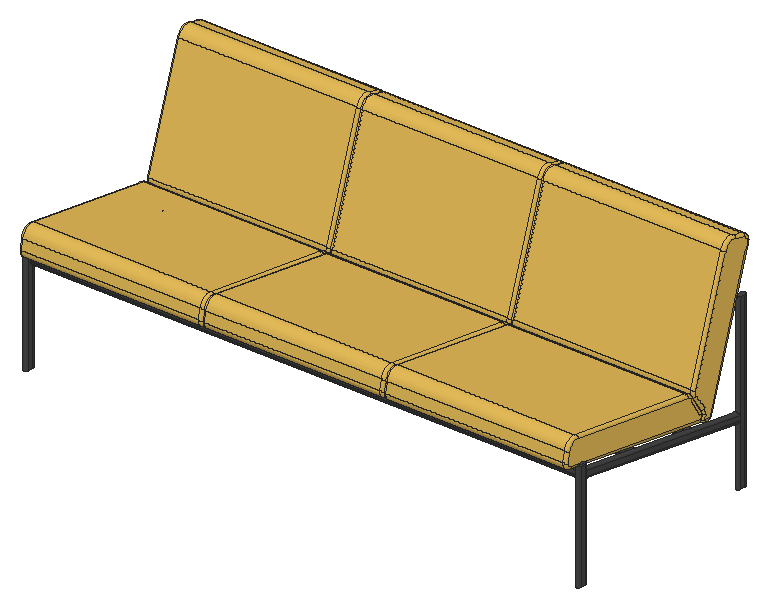
Revit family "Artek_Kiki Sofa_Kiki Sofa 3-seater", category Furniture, Revit 2018
Family settings
  OmniClass Number = 23.40.20.14.14.14
  OmniClass Title = Settees, Sofas
  Work Plane-Based = No
  Always vertical = Yes
  Cut with Voids When Loaded = No
  Shared = No
  Room Calculation Point = No
Parameters (values of type "Kiki Sofa 3-seater")
  WarrantyStartDate [instance] = "n/a"
  WarrantyGuarantorParts = "n/a"
  WarrantyGuarantorLabor = "n/a"
  WarrantyDurationUnit = "Years"
  WarrantyDurationParts = "n/a"
  WarrantyDurationLabor = "n/a"
  WarrantyDescription = "n/a"
  VersionDate = "11/3/2020"  # constant formula
  Version = "1"  # constant formula
  Uniclass2015Reference = "Pr_40_50_12_81"
  Uniclass2015Description = "Sofas"
  Uniclass2 = "Pr_40_50_12_81"
  URL = "https://www.artek.fi/en/products/kiki-sofa"
  Type Comments = ""
  TagNumber [instance] = "n/a"
  SustainabilityPerformance = "n/a"
  Style = "n/a"
  SofaSecondaryMaterial = Powder coated black metal
  SofaMaterial [instance] = Canola
  Size = "1730x680x750 mm"
  Shape = "Sculptured"
  SerialNumber [instance] = "n/a"
  SeatingHeight = 413.449 mm
  Revision = "n/a"
  ReplacementCost = "n/a"
  ProductInformation = "The Kiki Sofa has a frame made of distinctive oval steel tubing. The upholstery offers clean, smooth-edged contours that provide comfort and support."
  Product data url = ""
  NominalLength = 1732.106 mm
  NominalHeight = 702.678 mm
  NominalDepth = 714.073 mm
  Name = "Kiki Sofa 3-seater"
  NBSReference = "45-35-20/365"
  NBSDescription = "Domestic chairs"
  ModelReference = "n/a"
  ModelNumber = "28400202"
  Material = "Steel tubing/Upholstery"
  ManufacturerURL = "https://www.artek.fi/"
  ManufacturerName = "Artek"
  Model = "Kiki Sofa 3-seater"
  Manufacturer = "Artek"
  MainColor = "Black"
  LowestSeatingHeight = SeatingHeight  # 413.449 mm
  InstallationDate [instance] = "n/a"
  IfcExportType = "SOFA"  # constant formula
  IfcExportAs = "IfcFurnishingElementType"  # constant formula
  HighestSeatingHeight = SeatingHeight  # 413.449 mm
  Grade = "n/a"
  Finish = "n/a"
  Features = "n/a"
  ExpectedLife = "n/a"
  DurationUnit = "Years"
  Designer = "Ilmari Tapiovaara"
  Description = "The Kiki Sofa has a frame made of distinctive oval steel tubing. The upholstery offers clean, smooth-edged contours that provide comfort and support."
  Cost = 0
  ConvergoRefNr = "0190-2009-0046-FI"  # constant formula
  Constituents = "n/a"
  Color = "Black"
  Collection = "Kiki Collection"
  CodePerformance = "n/a"
  Barcode [instance] = "n/a"
  AssetIdentifier [instance] = "n/a"
  Category = "n/a"
  Brand = "Artek"
  BIMObjectName = "Artek_Kiki Sofa_Kiki Sofa 3-seater"  # constant formula
  Author = "Convergo AB"  # constant formula
  AssetType = "Movable"
  AccessibilityPerformance = "n/a"
Reference planes
  plane 1 "Center (Front/Back)": y = 0
  plane 2: z = 0
  plane 3 "Center (Left/Right)": x = 0
  plane 4: x = -866.053
  plane 5: x = 866.053
  plane 6: y = 357.037
  plane 7: y = -357.037
  plane 8: z = 702.678
  plane 9: z = 413.449
Dimensions and locks
  equal spacing: plane 4, plane 3 "Center (Left/Right)", plane 5
  equal spacing: plane 7, plane 1 "Center (Front/Back)", plane 6
  "NominalDepth": plane 7 to plane 6
  "NominalHeight": plane 8 to level
  "NominalLength": plane 4 to plane 5
  "SeatingHeight": plane 9 to level
  aligned and locked: level to plane 2
Nested families
  nested 1: "kiki_sofa_3seater" at (0, 0, 0), Legs <- "SofaSecondaryMaterial", Sofa <- "SofaMaterial", type "kiki_sofa_3seater"
    with Sofa Canola, Legs Powder coated black metal
Definition of nested family "kiki_sofa_3seater"
  Parameters (values of type "kiki_sofa_3seater")
    Sofa [instance] = none
    Legs [instance] = none
  Reference planes
    plane 1 "Center (Front/Back)": y = 0
    plane 2: z = 0
    plane 3 "Center (Left/Right)": x = 0
  Forms (mm)
    Extrusion 1, solid, material <- "Sofa", detail levels medium+fine
      sketch origin (0, 0, 0) x (0, 1, 0) y (0, 0, 1)
        loop
          arc (355.554, 655.179) -> (354.083, 676.227) -> (337.919, 689.789) r 27
          line (337.919, 689.789) -> (301.325, 700.978)
          arc (301.325, 700.978) -> (273.728, 698.571) -> (255.537, 677.679) r 37
          line (255.537, 677.679) -> (138.723, 339.65)
          arc (138.723, 339.65) -> (137.489, 328.004) -> (141.491, 316.997) r 26
          line (141.491, 316.997) -> (173.089, 268.341)
          arc (173.089, 268.341) -> (175.154, 263.418) -> (175.363, 258.083) r 15
          line (175.363, 258.083) -> (173.191, 242.625)
          arc (173.191, 242.625) -> (175.107, 235.215) -> (181.702, 231.331) r 10
          line (181.702, 231.331) -> (196.895, 229.195)
          arc (196.895, 229.195) -> (206.159, 231.122) -> (212.081, 238.501) r 14
          line (212.081, 238.501) -> (355.554, 655.179)
      from -280.976 to 280.965
    Sweep 2, void
      path in 3D
        loop
          arc (280.965, 138.723, 339.65) -> (280.965, 137.489, 328.004) -> (280.965, 141.491, 316.997) r 26
          line (280.965, 141.491, 316.997) -> (280.965, 173.089, 268.341)
          arc (280.965, 173.089, 268.341) -> (280.965, 175.154, 263.418) -> (280.965, 175.363, 258.083) r 15
          line (280.965, 175.363, 258.083) -> (280.965, 173.191, 242.625)
          arc (280.965, 173.191, 242.625) -> (280.965, 175.107, 235.215) -> (280.965, 181.702, 231.331) r 10
          line (280.965, 181.702, 231.331) -> (280.965, 196.895, 229.195)
          arc (280.965, 196.895, 229.195) -> (280.965, 206.159, 231.122) -> (280.965, 212.081, 238.501) r 14
          line (280.965, 212.081, 238.501) -> (280.965, 355.554, 655.179)
          arc (280.965, 355.554, 655.179) -> (280.965, 354.083, 676.227) -> (280.965, 337.919, 689.789) r 27
          line (280.965, 337.919, 689.789) -> (280.965, 301.325, 700.978)
          arc (280.965, 301.325, 700.978) -> (280.965, 273.728, 698.571) -> (280.965, 255.537, 677.679) r 37
          line (280.965, 255.537, 677.679) -> (280.965, 138.723, 339.65)
      profile origin (280.965, 197.13, 508.665) x (0, 0.945155, -0.326621) y (1, 0, 0)
        loop
          line (0, 0) -> (0, -9)
          arc (0, -9) -> (2.636, -2.636) -> (9, 0) r 9
          line (9, 0) -> (0, 0)
    Sweep 3, void
      path in 3D
        loop
          arc (-280.976, 255.537, 677.679) -> (-280.976, 273.728, 698.571) -> (-280.976, 301.325, 700.978) r 37
          line (-280.976, 301.325, 700.978) -> (-280.976, 337.919, 689.789)
          arc (-280.976, 337.919, 689.789) -> (-280.976, 354.083, 676.227) -> (-280.976, 355.554, 655.179) r 27
          line (-280.976, 355.554, 655.179) -> (-280.976, 212.081, 238.501)
          arc (-280.976, 212.081, 238.501) -> (-280.976, 206.159, 231.122) -> (-280.976, 196.895, 229.195) r 14
          line (-280.976, 196.895, 229.195) -> (-280.976, 181.702, 231.331)
          arc (-280.976, 181.702, 231.331) -> (-280.976, 175.107, 235.215) -> (-280.976, 173.191, 242.625) r 10
          line (-280.976, 173.191, 242.625) -> (-280.976, 175.363, 258.083)
          arc (-280.976, 175.363, 258.083) -> (-280.976, 175.154, 263.418) -> (-280.976, 173.089, 268.341) r 15
          line (-280.976, 173.089, 268.341) -> (-280.976, 141.491, 316.997)
          arc (-280.976, 141.491, 316.997) -> (-280.976, 137.489, 328.004) -> (-280.976, 138.723, 339.65) r 26
          line (-280.976, 138.723, 339.65) -> (-280.976, 255.537, 677.679)
      profile origin (-280.976, 197.13, 508.665) x (0, 0.945155, -0.326621) y (-1, 0, 0)
        loop
          line (0, 0) -> (0, -9)
          arc (0, -9) -> (2.636, -2.636) -> (9, 0) r 9
          line (9, 0) -> (0, 0)
    Extrusion 4, solid, material <- "Sofa", detail levels medium+fine
      sketch origin (-280.668, 0, 0) x (0, 1, 0) y (0, 0, -1)
        loop
          line (355.554, -655.179) -> (212.081, -238.501)
          arc (212.081, -238.501) -> (206.159, -231.122) -> (196.895, -229.195) r 14
          line (196.895, -229.195) -> (181.702, -231.331)
          arc (181.702, -231.331) -> (175.107, -235.215) -> (173.191, -242.625) r 10
          line (173.191, -242.625) -> (175.363, -258.083)
          arc (175.363, -258.083) -> (175.154, -263.418) -> (173.089, -268.341) r 15
          line (173.089, -268.341) -> (141.491, -316.997)
          arc (141.491, -316.997) -> (137.489, -328.004) -> (138.723, -339.65) r 26
          line (138.723, -339.65) -> (255.537, -677.679)
          arc (255.537, -677.679) -> (273.728, -698.571) -> (301.325, -700.978) r 37
          line (301.325, -700.978) -> (337.919, -689.789)
          arc (337.919, -689.789) -> (354.083, -676.227) -> (355.554, -655.179) r 27
      from 0.308 to 569.374
    Sweep 5, void
      path in 3D
        loop
          arc (-280.976, 255.537, 677.679) -> (-280.976, 273.728, 698.571) -> (-280.976, 301.325, 700.978) r 37
          line (-280.976, 301.325, 700.978) -> (-280.976, 337.919, 689.789)
          arc (-280.976, 337.919, 689.789) -> (-280.976, 354.083, 676.227) -> (-280.976, 355.554, 655.179) r 27
          line (-280.976, 355.554, 655.179) -> (-280.976, 212.081, 238.501)
          arc (-280.976, 212.081, 238.501) -> (-280.976, 206.159, 231.122) -> (-280.976, 196.895, 229.195) r 14
          line (-280.976, 196.895, 229.195) -> (-280.976, 181.702, 231.331)
          arc (-280.976, 181.702, 231.331) -> (-280.976, 175.107, 235.215) -> (-280.976, 173.191, 242.625) r 10
          line (-280.976, 173.191, 242.625) -> (-280.976, 175.363, 258.083)
          arc (-280.976, 175.363, 258.083) -> (-280.976, 175.154, 263.418) -> (-280.976, 173.089, 268.341) r 15
          line (-280.976, 173.089, 268.341) -> (-280.976, 141.491, 316.997)
          arc (-280.976, 141.491, 316.997) -> (-280.976, 137.489, 328.004) -> (-280.976, 138.723, 339.65) r 26
          line (-280.976, 138.723, 339.65) -> (-280.976, 255.537, 677.679)
      profile origin (-280.976, 197.13, 508.665) x (0, -0.945155, 0.326621) y (1, 0, 0)
        loop
          line (0, 0) -> (-9, 0)
          arc (-9, 0) -> (-2.636, -2.636) -> (0, -9) r 9
          line (0, -9) -> (0, 0)
    Sweep 6, void
      path in 3D
        loop
          arc (-850.042, 212.081, 238.501) -> (-850.042, 206.159, 231.122) -> (-850.042, 196.895, 229.195) r 14
          line (-850.042, 196.895, 229.195) -> (-850.042, 181.702, 231.331)
          arc (-850.042, 181.702, 231.331) -> (-850.042, 175.107, 235.215) -> (-850.042, 173.191, 242.625) r 10
          line (-850.042, 173.191, 242.625) -> (-850.042, 175.363, 258.083)
          arc (-850.042, 175.363, 258.083) -> (-850.042, 175.154, 263.418) -> (-850.042, 173.089, 268.341) r 15
          line (-850.042, 173.089, 268.341) -> (-850.042, 141.491, 316.997)
          arc (-850.042, 141.491, 316.997) -> (-850.042, 137.489, 328.004) -> (-850.042, 138.723, 339.65) r 26
          line (-850.042, 138.723, 339.65) -> (-850.042, 255.537, 677.679)
          arc (-850.042, 255.537, 677.679) -> (-850.042, 273.728, 698.571) -> (-850.042, 301.325, 700.978) r 37
          line (-850.042, 301.325, 700.978) -> (-850.042, 337.919, 689.789)
          arc (-850.042, 337.919, 689.789) -> (-850.042, 354.083, 676.227) -> (-850.042, 355.554, 655.179) r 27
          line (-850.042, 355.554, 655.179) -> (-850.042, 212.081, 238.501)
      profile origin (-850.042, 283.818, 446.84) x (0, -0.945519, 0.325568) y (-1, 0, 0)
        loop
          line (0, 0) -> (0, -9)
          arc (0, -9) -> (2.636, -2.636) -> (9, 0) r 9
          line (9, 0) -> (0, 0)
    Extrusion 7, solid, material <- "Sofa", detail levels medium+fine
      sketch origin (0, 1.25, 1.25) x (0, 1, 0) y (0, 0, 1)
        loop
          line (115.017, 336.404) -> (-311.402, 411.594)
          arc (-311.402, 411.594) -> (-337.555, 405.796) -> (-351.948, 383.203) r 35
          line (-351.948, 383.203) -> (-357.401, 352.277)
          arc (-357.401, 352.277) -> (-354.127, 337.388) -> (-341.31, 329.132) r 20
          line (-341.31, 329.132) -> (160.701, 237.128)
          arc (160.701, 237.128) -> (168.184, 238.735) -> (172.34, 245.162) r 10
          line (172.34, 245.162) -> (173.526, 251.636)
          arc (173.526, 251.636) -> (173.499, 258.992) -> (170.815, 265.84) r 20
          line (170.815, 265.84) -> (135.249, 322.758)
          arc (135.249, 322.758) -> (126.583, 331.731) -> (115.017, 336.404) r 30
      from -281.542 to 280.964
    Sweep 8, void
      path in 3D
        loop
          arc (280.964, -310.152, 412.844) -> (280.964, -336.305, 407.046) -> (280.964, -350.698, 384.453) r 35
          line (280.964, -350.698, 384.453) -> (280.964, -356.151, 353.527)
          arc (280.964, -356.151, 353.527) -> (280.964, -352.877, 338.638) -> (280.964, -340.06, 330.382) r 20
          line (280.964, -340.06, 330.382) -> (280.964, 161.951, 238.378)
          arc (280.964, 161.951, 238.378) -> (280.964, 169.434, 239.985) -> (280.964, 173.59, 246.412) r 10
          line (280.964, 173.59, 246.412) -> (280.964, 174.776, 252.886)
          arc (280.964, 174.776, 252.886) -> (280.964, 174.749, 260.242) -> (280.964, 172.065, 267.09) r 20
          line (280.964, 172.065, 267.09) -> (280.964, 136.499, 324.008)
          arc (280.964, 136.499, 324.008) -> (280.964, 127.833, 332.981) -> (280.964, 116.267, 337.654) r 30
          line (280.964, 116.267, 337.654) -> (280.964, -310.152, 412.844)
      profile origin (280.964, -96.943, 375.249) x (0, -0.173648, -0.984808) y (1, 0, 0)
        loop
          line (0, 0) -> (0, -9)
          arc (0, -9) -> (2.636, -2.636) -> (9, 0) r 9
          line (9, 0) -> (0, 0)
    Extrusion 9, solid, material <- "Sofa", detail levels medium+fine
      sketch origin (-280.668, 1.25, 1.25) x (0, 1, 0) y (0, 0, -1)
        loop
          arc (115.017, -336.404) -> (126.583, -331.731) -> (135.249, -322.758) r 30
          line (135.249, -322.758) -> (170.815, -265.84)
          arc (170.815, -265.84) -> (173.499, -258.992) -> (173.526, -251.636) r 20
          line (173.526, -251.636) -> (172.34, -245.162)
          arc (172.34, -245.162) -> (168.184, -238.735) -> (160.701, -237.128) r 10
          line (160.701, -237.128) -> (-341.31, -329.132)
          arc (-341.31, -329.132) -> (-354.127, -337.388) -> (-357.401, -352.277) r 20
          line (-357.401, -352.277) -> (-351.948, -383.203)
          arc (-351.948, -383.203) -> (-337.555, -405.796) -> (-311.402, -411.594) r 35
          line (-311.402, -411.594) -> (115.017, -336.404)
      from 1.322 to 569.374
    Sweep 10, void
      path in 3D
        loop
          arc (-281.542, 116.267, 337.654) -> (-281.542, 127.833, 332.981) -> (-281.542, 136.499, 324.008) r 30
          line (-281.542, 136.499, 324.008) -> (-281.542, 172.065, 267.09)
          arc (-281.542, 172.065, 267.09) -> (-281.542, 174.749, 260.242) -> (-281.542, 174.776, 252.886) r 20
          line (-281.542, 174.776, 252.886) -> (-281.542, 173.59, 246.412)
          arc (-281.542, 173.59, 246.412) -> (-281.542, 169.434, 239.985) -> (-281.542, 161.951, 238.378) r 10
          line (-281.542, 161.951, 238.378) -> (-281.542, -340.06, 330.382)
          arc (-281.542, -340.06, 330.382) -> (-281.542, -352.877, 338.638) -> (-281.542, -356.151, 353.527) r 20
          line (-281.542, -356.151, 353.527) -> (-281.542, -350.698, 384.453)
          arc (-281.542, -350.698, 384.453) -> (-281.542, -336.305, 407.046) -> (-281.542, -310.152, 412.844) r 35
          line (-281.542, -310.152, 412.844) -> (-281.542, 116.267, 337.654)
      profile origin (-281.542, -96.943, 375.249) x (0, -0.173648, -0.984808) y (-1, 0, 0)
        loop
          line (0, 0) -> (0, -9)
          arc (0, -9) -> (2.636, -2.636) -> (9, 0) r 9
          line (9, 0) -> (0, 0)
    Sweep 11, void
      path in 3D
        loop
          arc (-281.99, -310.152, 412.844) -> (-281.99, -336.305, 407.046) -> (-281.99, -350.698, 384.453) r 35
          line (-281.99, -350.698, 384.453) -> (-281.99, -356.151, 353.527)
          arc (-281.99, -356.151, 353.527) -> (-281.99, -352.877, 338.638) -> (-281.99, -340.06, 330.382) r 20
          line (-281.99, -340.06, 330.382) -> (-281.99, 161.951, 238.378)
          arc (-281.99, 161.951, 238.378) -> (-281.99, 169.434, 239.985) -> (-281.99, 173.59, 246.412) r 10
          line (-281.99, 173.59, 246.412) -> (-281.99, 174.776, 252.886)
          arc (-281.99, 174.776, 252.886) -> (-281.99, 174.749, 260.242) -> (-281.99, 172.065, 267.09) r 20
          line (-281.99, 172.065, 267.09) -> (-281.99, 136.499, 324.008)
          arc (-281.99, 136.499, 324.008) -> (-281.99, 127.833, 332.981) -> (-281.99, 116.267, 337.654) r 30
          line (-281.99, 116.267, 337.654) -> (-281.99, -310.152, 412.844)
      profile origin (-281.99, -96.943, 375.249) x (0, -0.173648, -0.984808) y (1, 0, 0)
        loop
          line (0, 0) -> (0, -9)
          arc (0, -9) -> (2.636, -2.636) -> (9, 0) r 9
          line (9, 0) -> (0, 0)
    Sweep 12, void
      path in 3D
        loop
          arc (-850.042, 116.267, 337.654) -> (-850.042, 127.833, 332.981) -> (-850.042, 136.499, 324.008) r 30
          line (-850.042, 136.499, 324.008) -> (-850.042, 172.065, 267.09)
          arc (-850.042, 172.065, 267.09) -> (-850.042, 174.749, 260.242) -> (-850.042, 174.776, 252.886) r 20
          line (-850.042, 174.776, 252.886) -> (-850.042, 173.59, 246.412)
          arc (-850.042, 173.59, 246.412) -> (-850.042, 169.434, 239.985) -> (-850.042, 161.951, 238.378) r 10
          line (-850.042, 161.951, 238.378) -> (-850.042, -340.06, 330.382)
          arc (-850.042, -340.06, 330.382) -> (-850.042, -352.877, 338.638) -> (-850.042, -356.151, 353.527) r 20
          line (-850.042, -356.151, 353.527) -> (-850.042, -350.698, 384.453)
          arc (-850.042, -350.698, 384.453) -> (-850.042, -336.305, 407.046) -> (-850.042, -310.152, 412.844) r 35
          line (-850.042, -310.152, 412.844) -> (-850.042, 116.267, 337.654)
      profile origin (-850.042, -96.943, 375.249) x (0, -0.173648, -0.984808) y (-1, 0, 0)
        loop
          line (0, 0) -> (0, -9)
          arc (0, -9) -> (2.636, -2.636) -> (9, 0) r 9
          line (9, 0) -> (0, 0)
    Extrusion 13, solid, material <- "Legs", detail levels medium+fine
      sketch origin (0, 0, 0) x (1, 0, 0) y (0, 1, 0)
        loop
          line (-866.042, 318.377) -> (-866.042, 303.403)
          arc (-866.042, 303.403) -> (-858.042, 295.403) -> (-850.042, 303.403) r 8
          line (-850.042, 303.403) -> (-850.042, 318.377)
          arc (-850.042, 318.377) -> (-858.042, 326.377) -> (-866.042, 318.377) r 8
        loop
          arc (866.042, 318.377) -> (858.042, 326.377) -> (850.042, 318.377) r 8
          line (850.042, 318.377) -> (850.042, 303.403)
          arc (850.042, 303.403) -> (858.042, 295.403) -> (866.042, 303.403) r 8
          line (866.042, 303.403) -> (866.042, 318.377)
      from 0 to 535.087
    Extrusion 14, solid, material <- "Legs", detail levels medium+fine
      sketch origin (0, 0, 0) x (1, 0, 0) y (0, 1, 0)
        loop
          line (-866.042, -301.519) -> (-866.042, -317.227)
          arc (-866.042, -317.227) -> (-858.042, -325.226) -> (-850.042, -317.227) r 8
          line (-850.042, -317.227) -> (-850.042, -301.519)
          arc (-850.042, -301.519) -> (-858.042, -293.519) -> (-866.042, -301.519) r 8
        loop
          arc (866.042, -301.519) -> (858.042, -293.519) -> (850.042, -301.519) r 8
          line (850.042, -301.519) -> (850.042, -317.227)
          arc (850.042, -317.227) -> (858.042, -325.226) -> (866.042, -317.227) r 8
          line (866.042, -317.227) -> (866.042, -301.519)
      from 0 to 335.082
    Extrusion 15, solid, material <- "Legs", detail levels medium+fine
      sketch origin (0, 0, 0) x (0, 1, 0) y (0, 0, 1)
        loop
          arc (111.893, 225.099) -> (118.303, 215.806) -> (127.596, 222.215) r 7.983
          line (127.596, 222.215) -> (129.981, 235.2)
          arc (129.981, 235.2) -> (123.582, 244.508) -> (114.281, 238.1) r 7.983
          line (114.281, 238.1) -> (111.893, 225.099)
        loop
          arc (-107.976, 264.86) -> (-101.567, 255.567) -> (-92.273, 261.976) r 7.983
          line (-92.273, 261.976) -> (-89.716, 275.9)
          arc (-89.716, 275.9) -> (-96.114, 285.208) -> (-105.416, 278.8) r 7.983
          line (-105.416, 278.8) -> (-107.976, 264.86)
        loop
          arc (-311.839, 300.3) -> (-303.839, 292.3) -> (-295.839, 300.3) r 8
          line (-295.839, 300.3) -> (-295.839, 315.3)
          arc (-295.839, 315.3) -> (-303.839, 323.3) -> (-311.839, 315.3) r 8
          line (-311.839, 315.3) -> (-311.839, 300.3)
        loop
          arc (300.882, 499.263) -> (307.291, 489.969) -> (316.585, 496.379) r 7.983
          line (316.585, 496.379) -> (319.189, 510.559)
          arc (319.189, 510.559) -> (312.78, 519.853) -> (303.487, 513.443) r 7.983
          line (303.487, 513.443) -> (300.882, 499.263)
      from -858.237 to 857.886
    Extrusion 16, solid, material <- "Sofa", detail levels medium+fine
      sketch origin (280.668, 0, 0) x (0, 1, 0) y (0, 0, 1)
        loop
          arc (355.554, 655.179) -> (354.083, 676.227) -> (337.919, 689.789) r 27
          line (337.919, 689.789) -> (301.325, 700.978)
          arc (301.325, 700.978) -> (273.728, 698.571) -> (255.537, 677.679) r 37
          line (255.537, 677.679) -> (138.723, 339.65)
          arc (138.723, 339.65) -> (137.489, 328.004) -> (141.491, 316.997) r 26
          line (141.491, 316.997) -> (173.089, 268.341)
          arc (173.089, 268.341) -> (175.154, 263.418) -> (175.363, 258.083) r 15
          line (175.363, 258.083) -> (173.191, 242.625)
          arc (173.191, 242.625) -> (175.107, 235.215) -> (181.702, 231.331) r 10
          line (181.702, 231.331) -> (196.895, 229.195)
          arc (196.895, 229.195) -> (206.159, 231.122) -> (212.081, 238.501) r 14
          line (212.081, 238.501) -> (355.554, 655.179)
      from 0.308 to 569.374
    Sweep 17, void
      path in 3D
        loop
          arc (280.976, 255.537, 677.679) -> (280.976, 273.728, 698.571) -> (280.976, 301.325, 700.978) r 37
          line (280.976, 301.325, 700.978) -> (280.976, 337.919, 689.789)
          arc (280.976, 337.919, 689.789) -> (280.976, 354.083, 676.227) -> (280.976, 355.554, 655.179) r 27
          line (280.976, 355.554, 655.179) -> (280.976, 212.081, 238.501)
          arc (280.976, 212.081, 238.501) -> (280.976, 206.159, 231.122) -> (280.976, 196.895, 229.195) r 14
          line (280.976, 196.895, 229.195) -> (280.976, 181.702, 231.331)
          arc (280.976, 181.702, 231.331) -> (280.976, 175.107, 235.215) -> (280.976, 173.191, 242.625) r 10
          line (280.976, 173.191, 242.625) -> (280.976, 175.363, 258.083)
          arc (280.976, 175.363, 258.083) -> (280.976, 175.154, 263.418) -> (280.976, 173.089, 268.341) r 15
          line (280.976, 173.089, 268.341) -> (280.976, 141.491, 316.997)
          arc (280.976, 141.491, 316.997) -> (280.976, 137.489, 328.004) -> (280.976, 138.723, 339.65) r 26
          line (280.976, 138.723, 339.65) -> (280.976, 255.537, 677.679)
      profile origin (280.976, 197.13, 508.665) x (0, 0.945155, -0.326621) y (-1, 0, 0)
        loop
          line (0, 0) -> (0, -9)
          arc (0, -9) -> (2.636, -2.636) -> (9, 0) r 9
          line (9, 0) -> (0, 0)
    Sweep 18, void
      path in 3D
        loop
          arc (850.042, 212.081, 238.501) -> (850.042, 206.159, 231.122) -> (850.042, 196.895, 229.195) r 14
          line (850.042, 196.895, 229.195) -> (850.042, 181.702, 231.331)
          arc (850.042, 181.702, 231.331) -> (850.042, 175.107, 235.215) -> (850.042, 173.191, 242.625) r 10
          line (850.042, 173.191, 242.625) -> (850.042, 175.363, 258.083)
          arc (850.042, 175.363, 258.083) -> (850.042, 175.154, 263.418) -> (850.042, 173.089, 268.341) r 15
          line (850.042, 173.089, 268.341) -> (850.042, 141.491, 316.997)
          arc (850.042, 141.491, 316.997) -> (850.042, 137.489, 328.004) -> (850.042, 138.723, 339.65) r 26
          line (850.042, 138.723, 339.65) -> (850.042, 255.537, 677.679)
          arc (850.042, 255.537, 677.679) -> (850.042, 273.728, 698.571) -> (850.042, 301.325, 700.978) r 37
          line (850.042, 301.325, 700.978) -> (850.042, 337.919, 689.789)
          arc (850.042, 337.919, 689.789) -> (850.042, 354.083, 676.227) -> (850.042, 355.554, 655.179) r 27
          line (850.042, 355.554, 655.179) -> (850.042, 212.081, 238.501)
      profile origin (850.042, 283.818, 446.84) x (0, 0.945519, -0.325568) y (1, 0, 0)
        loop
          line (0, 0) -> (-9, 0)
          arc (-9, 0) -> (-2.636, -2.636) -> (0, -9) r 9
          line (0, -9) -> (0, 0)
    Extrusion 19, solid, material <- "Sofa", detail levels medium+fine
      sketch origin (280.668, 1.25, 1.25) x (0, 1, 0) y (0, 0, 1)
        loop
          line (115.017, 336.404) -> (-311.402, 411.594)
          arc (-311.402, 411.594) -> (-337.555, 405.796) -> (-351.948, 383.203) r 35
          line (-351.948, 383.203) -> (-357.401, 352.277)
          arc (-357.401, 352.277) -> (-354.127, 337.388) -> (-341.31, 329.132) r 20
          line (-341.31, 329.132) -> (160.701, 237.128)
          arc (160.701, 237.128) -> (168.184, 238.735) -> (172.34, 245.162) r 10
          line (172.34, 245.162) -> (173.526, 251.636)
          arc (173.526, 251.636) -> (173.499, 258.992) -> (170.815, 265.84) r 20
          line (170.815, 265.84) -> (135.249, 322.758)
          arc (135.249, 322.758) -> (126.583, 331.731) -> (115.017, 336.404) r 30
      from 1.322 to 569.374
    Sweep 20, void
      path in 3D
        loop
          arc (850.042, 116.267, 337.654) -> (850.042, 127.833, 332.981) -> (850.042, 136.499, 324.008) r 30
          line (850.042, 136.499, 324.008) -> (850.042, 172.065, 267.09)
          arc (850.042, 172.065, 267.09) -> (850.042, 174.749, 260.242) -> (850.042, 174.776, 252.886) r 20
          line (850.042, 174.776, 252.886) -> (850.042, 173.59, 246.412)
          arc (850.042, 173.59, 246.412) -> (850.042, 169.434, 239.985) -> (850.042, 161.951, 238.378) r 10
          line (850.042, 161.951, 238.378) -> (850.042, -340.06, 330.382)
          arc (850.042, -340.06, 330.382) -> (850.042, -352.877, 338.638) -> (850.042, -356.151, 353.527) r 20
          line (850.042, -356.151, 353.527) -> (850.042, -350.698, 384.453)
          arc (850.042, -350.698, 384.453) -> (850.042, -336.305, 407.046) -> (850.042, -310.152, 412.844) r 35
          line (850.042, -310.152, 412.844) -> (850.042, 116.267, 337.654)
      profile origin (850.042, -96.943, 375.249) x (0, 0.173648, 0.984808) y (1, 0, 0)
        loop
          line (0, 0) -> (-9, 0)
          arc (-9, 0) -> (-2.636, -2.636) -> (0, -9) r 9
          line (0, -9) -> (0, 0)
    Sweep 21, void
      path in 3D
        loop
          arc (281.99, 116.267, 337.654) -> (281.99, 127.833, 332.981) -> (281.99, 136.499, 324.008) r 30
          line (281.99, 136.499, 324.008) -> (281.99, 172.065, 267.09)
          arc (281.99, 172.065, 267.09) -> (281.99, 174.749, 260.242) -> (281.99, 174.776, 252.886) r 20
          line (281.99, 174.776, 252.886) -> (281.99, 173.59, 246.412)
          arc (281.99, 173.59, 246.412) -> (281.99, 169.434, 239.985) -> (281.99, 161.951, 238.378) r 10
          line (281.99, 161.951, 238.378) -> (281.99, -340.06, 330.382)
          arc (281.99, -340.06, 330.382) -> (281.99, -352.877, 338.638) -> (281.99, -356.151, 353.527) r 20
          line (281.99, -356.151, 353.527) -> (281.99, -350.698, 384.453)
          arc (281.99, -350.698, 384.453) -> (281.99, -336.305, 407.046) -> (281.99, -310.152, 412.844) r 35
          line (281.99, -310.152, 412.844) -> (281.99, 116.267, 337.654)
      profile origin (281.99, -96.943, 375.249) x (0, -0.173648, -0.984808) y (-1, 0, 0)
        loop
          line (0, 0) -> (0, -9)
          arc (0, -9) -> (2.636, -2.636) -> (9, 0) r 9
          line (9, 0) -> (0, 0)
    Sweep 22, solid, material <- "Legs", detail levels medium+fine
      path origin (281.25, 6.875, 58.75) x (0, 1, 0) y (0, 0, -1)
        loop
          line (304.384, -195.215) -> (-305.712, -305.592)
      profile origin (281.25, 6.211, 309.153) x (0, 0.178027, 0.984026) y (-1, 0, 0)
        loop
          arc (-49.189, -584.238) -> (-41.689, -576.738) -> (-49.189, -569.238) r 7.5
          line (-49.189, -569.238) -> (-64.692, -569.238)
          arc (-64.692, -569.238) -> (-72.192, -576.738) -> (-64.692, -584.238) r 7.5
          line (-64.692, -584.238) -> (-49.189, -584.238)
    Sweep 23, solid, material <- "Legs", detail levels medium+fine
      path origin (-281.25, 6.875, 58.75) x (0, 1, 0) y (0, 0, 1)
        loop
          line (304.384, 195.215) -> (-305.712, 305.592)
      profile origin (-281.25, 6.211, 309.153) x (0, -0.178027, -0.984026) y (1, 0, 0)
        loop
          line (49.189, -584.238) -> (64.692, -584.238)
          arc (64.692, -584.238) -> (72.192, -576.738) -> (64.692, -569.238) r 7.5
          line (64.692, -569.238) -> (49.189, -569.238)
          arc (49.189, -569.238) -> (41.689, -576.738) -> (49.189, -584.238) r 7.5
    Extrusion 24, solid, material <- "Sofa", detail levels coarse
      sketch origin (0, 0, 0) x (1, 0, 0) y (0, 1, 0)
        loop
          line (866.042, -356.474) -> (866.042, 357.037) -> (-866.053, 357.037) -> (-866.053, -356.474) -> (866.042, -356.474)
      from 0 to 702.678
  Cuts and joins
    Sweep 2, Sweep 3 cuts Extrusion 1
    Sweep 5, Sweep 6, Sweep 17, Sweep 20 cuts Extrusion 4
    Sweep 8, Sweep 10 cuts Extrusion 7
    Sweep 11, Sweep 12, Sweep 17, Sweep 18, Sweep 20 cuts Extrusion 9
    Sweep 17 cuts Extrusion 13
    Sweep 17 cuts Extrusion 14
    Sweep 17 cuts Extrusion 15
    joined: Extrusion 13, Extrusion 14, Extrusion 15, Sweep 22
    Sweep 17, Sweep 18 cuts Extrusion 16
    Sweep 20, Sweep 21 cuts Extrusion 19
  Lines and regions (mm)
    sketch lines
      curve 1: line (280.965, 255.537, 677.679) -> (280.965, 138.723, 339.65)
      curve 2: arc (280.965, 255.537, 677.679) -> (280.965, 273.728, 698.571) -> (280.965, 301.325, 700.978) r 37
      curve 3: line (280.965, 337.919, 689.789) -> (280.965, 301.325, 700.978)
      curve 4: arc (280.965, 337.919, 689.789) -> (280.965, 354.083, 676.227) -> (280.965, 355.554, 655.179) r 27
      curve 5: line (280.965, 212.081, 238.501) -> (280.965, 355.554, 655.179)
      curve 6: arc (280.965, 141.491, 316.997) -> (280.965, 137.489, 328.004) -> (280.965, 138.723, 339.65) r 26
      curve 7: arc (280.965, 212.081, 238.501) -> (280.965, 206.159, 231.122) -> (280.965, 196.895, 229.195) r 14
      curve 8: line (280.965, 181.702, 231.331) -> (280.965, 196.895, 229.195)
      curve 9: line (280.965, 141.491, 316.997) -> (280.965, 173.089, 268.341)
      curve 10: arc (280.965, 175.363, 258.083) -> (280.965, 175.154, 263.418) -> (280.965, 173.089, 268.341) r 15
      curve 11: line (280.965, 175.363, 258.083) -> (280.965, 173.191, 242.625)
      curve 12: arc (280.965, 181.702, 231.331) -> (280.965, 175.107, 235.215) -> (280.965, 173.191, 242.625) r 10
      curve 13: line (-280.976, 138.723, 339.65) -> (-280.976, 255.537, 677.679)
      curve 14: arc (-280.976, 301.325, 700.978) -> (-280.976, 273.728, 698.571) -> (-280.976, 255.537, 677.679) r 37
      curve 15: line (-280.976, 301.325, 700.978) -> (-280.976, 337.919, 689.789)
      curve 16: arc (-280.976, 355.554, 655.179) -> (-280.976, 354.083, 676.227) -> (-280.976, 337.919, 689.789) r 27
      curve 17: line (-280.976, 355.554, 655.179) -> (-280.976, 212.081, 238.501)
      curve 18: arc (-280.976, 196.895, 229.195) -> (-280.976, 206.159, 231.122) -> (-280.976, 212.081, 238.501) r 14
      curve 19: line (-280.976, 196.895, 229.195) -> (-280.976, 181.702, 231.331)
      curve 20: arc (-280.976, 138.723, 339.65) -> (-280.976, 137.489, 328.004) -> (-280.976, 141.491, 316.997) r 26
      curve 21: line (-280.976, 173.089, 268.341) -> (-280.976, 141.491, 316.997)
      curve 22: arc (-280.976, 173.089, 268.341) -> (-280.976, 175.154, 263.418) -> (-280.976, 175.363, 258.083) r 15
      curve 23: line (-280.976, 173.191, 242.625) -> (-280.976, 175.363, 258.083)
      curve 24: arc (-280.976, 173.191, 242.625) -> (-280.976, 175.107, 235.215) -> (-280.976, 181.702, 231.331) r 10
      curve 25: line (-280.976, 138.723, 339.65) -> (-280.976, 255.537, 677.679)
      curve 26: arc (-280.976, 301.325, 700.978) -> (-280.976, 273.728, 698.571) -> (-280.976, 255.537, 677.679) r 37
      curve 27: line (-280.976, 301.325, 700.978) -> (-280.976, 337.919, 689.789)
      curve 28: arc (-280.976, 355.554, 655.179) -> (-280.976, 354.083, 676.227) -> (-280.976, 337.919, 689.789) r 27
      curve 29: line (-280.976, 355.554, 655.179) -> (-280.976, 212.081, 238.501)
      curve 30: arc (-280.976, 196.895, 229.195) -> (-280.976, 206.159, 231.122) -> (-280.976, 212.081, 238.501) r 14
      curve 31: line (-280.976, 196.895, 229.195) -> (-280.976, 181.702, 231.331)
      curve 32: arc (-280.976, 138.723, 339.65) -> (-280.976, 137.489, 328.004) -> (-280.976, 141.491, 316.997) r 26
      curve 33: line (-280.976, 173.089, 268.341) -> (-280.976, 141.491, 316.997)
      curve 34: arc (-280.976, 173.089, 268.341) -> (-280.976, 175.154, 263.418) -> (-280.976, 175.363, 258.083) r 15
      curve 35: line (-280.976, 173.191, 242.625) -> (-280.976, 175.363, 258.083)
      curve 36: arc (-280.976, 173.191, 242.625) -> (-280.976, 175.107, 235.215) -> (-280.976, 181.702, 231.331) r 10
      curve 37: line (-850.042, 355.554, 655.179) -> (-850.042, 212.081, 238.501)
      curve 38: arc (-850.042, 355.554, 655.179) -> (-850.042, 354.083, 676.227) -> (-850.042, 337.919, 689.789) r 27
      curve 39: line (-850.042, 301.325, 700.978) -> (-850.042, 337.919, 689.789)
      curve 40: arc (-850.042, 301.325, 700.978) -> (-850.042, 273.728, 698.571) -> (-850.042, 255.537, 677.679) r 37
      curve 41: line (-850.042, 138.723, 339.65) -> (-850.042, 255.537, 677.679)
      curve 42: arc (-850.042, 138.723, 339.65) -> (-850.042, 137.489, 328.004) -> (-850.042, 141.491, 316.997) r 26
      curve 43: line (-850.042, 173.089, 268.341) -> (-850.042, 141.491, 316.997)
      curve 44: arc (-850.042, 196.895, 229.195) -> (-850.042, 206.159, 231.122) -> (-850.042, 212.081, 238.501) r 14
      curve 45: line (-850.042, 196.895, 229.195) -> (-850.042, 181.702, 231.331)
      curve 46: arc (-850.042, 173.191, 242.625) -> (-850.042, 175.107, 235.215) -> (-850.042, 181.702, 231.331) r 10
      curve 47: line (-850.042, 173.191, 242.625) -> (-850.042, 175.363, 258.083)
      curve 48: arc (-850.042, 173.089, 268.341) -> (-850.042, 175.154, 263.418) -> (-850.042, 175.363, 258.083) r 15
      curve 49: line (280.964, 116.267, 337.654) -> (280.964, -310.152, 412.844)
      curve 50: arc (280.964, 116.267, 337.654) -> (280.964, 127.833, 332.981) -> (280.964, 136.499, 324.008) r 30
      curve 51: line (280.964, 172.065, 267.09) -> (280.964, 136.499, 324.008)
      curve 52: arc (280.964, -350.698, 384.453) -> (280.964, -336.305, 407.046) -> (280.964, -310.152, 412.844) r 35
      curve 53: line (280.964, -350.698, 384.453) -> (280.964, -356.151, 353.527)
      curve 54: arc (280.964, -340.06, 330.382) -> (280.964, -352.877, 338.638) -> (280.964, -356.151, 353.527) r 20
      curve 55: line (280.964, -340.06, 330.382) -> (280.964, 161.951, 238.378)
      curve 56: arc (280.964, 172.065, 267.09) -> (280.964, 174.749, 260.242) -> (280.964, 174.776, 252.886) r 20
      curve 57: arc (280.964, 173.59, 246.412) -> (280.964, 169.434, 239.985) -> (280.964, 161.951, 238.378) r 10
      curve 58: line (280.964, 173.59, 246.412) -> (280.964, 174.776, 252.886)
      curve 59: line (-281.542, -310.152, 412.844) -> (-281.542, 116.267, 337.654)
      curve 60: arc (-281.542, -310.152, 412.844) -> (-281.542, -336.305, 407.046) -> (-281.542, -350.698, 384.453) r 35
      curve 61: line (-281.542, -356.151, 353.527) -> (-281.542, -350.698, 384.453)
      curve 62: arc (-281.542, -356.151, 353.527) -> (-281.542, -352.877, 338.638) -> (-281.542, -340.06, 330.382) r 20
      curve 63: line (-281.542, 161.951, 238.378) -> (-281.542, -340.06, 330.382)
      curve 64: arc (-281.542, 161.951, 238.378) -> (-281.542, 169.434, 239.985) -> (-281.542, 173.59, 246.412) r 10
      curve 65: line (-281.542, 174.776, 252.886) -> (-281.542, 173.59, 246.412)
      curve 66: arc (-281.542, 174.776, 252.886) -> (-281.542, 174.749, 260.242) -> (-281.542, 172.065, 267.09) r 20
      curve 67: line (-281.542, 136.499, 324.008) -> (-281.542, 172.065, 267.09)
      curve 68: arc (-281.542, 136.499, 324.008) -> (-281.542, 127.833, 332.981) -> (-281.542, 116.267, 337.654) r 30
      curve 69: line (-281.99, 116.267, 337.654) -> (-281.99, -310.152, 412.844)
      curve 70: arc (-281.99, -350.698, 384.453) -> (-281.99, -336.305, 407.046) -> (-281.99, -310.152, 412.844) r 35
      curve 71: line (-281.99, -350.698, 384.453) -> (-281.99, -356.151, 353.527)
      curve 72: arc (-281.99, -340.06, 330.382) -> (-281.99, -352.877, 338.638) -> (-281.99, -356.151, 353.527) r 20
      curve 73: line (-281.99, -340.06, 330.382) -> (-281.99, 161.951, 238.378)
      curve 74: arc (-281.99, 173.59, 246.412) -> (-281.99, 169.434, 239.985) -> (-281.99, 161.951, 238.378) r 10
      curve 75: arc (-281.99, 116.267, 337.654) -> (-281.99, 127.833, 332.981) -> (-281.99, 136.499, 324.008) r 30
      curve 76: line (-281.99, 172.065, 267.09) -> (-281.99, 136.499, 324.008)
      curve 77: arc (-281.99, 172.065, 267.09) -> (-281.99, 174.749, 260.242) -> (-281.99, 174.776, 252.886) r 20
      curve 78: line (-281.99, 173.59, 246.412) -> (-281.99, 174.776, 252.886)
      curve 79: line (-850.042, -310.152, 412.844) -> (-850.042, 116.267, 337.654)
      curve 80: arc (-850.042, -310.152, 412.844) -> (-850.042, -336.305, 407.046) -> (-850.042, -350.698, 384.453) r 35
      curve 81: line (-850.042, -356.151, 353.527) -> (-850.042, -350.698, 384.453)
      curve 82: arc (-850.042, -356.151, 353.527) -> (-850.042, -352.877, 338.638) -> (-850.042, -340.06, 330.382) r 20
      curve 83: line (-850.042, 161.951, 238.378) -> (-850.042, -340.06, 330.382)
      curve 84: arc (-850.042, 136.499, 324.008) -> (-850.042, 127.833, 332.981) -> (-850.042, 116.267, 337.654) r 30
      curve 85: line (-850.042, 136.499, 324.008) -> (-850.042, 172.065, 267.09)
      curve 86: arc (-850.042, 174.776, 252.886) -> (-850.042, 174.749, 260.242) -> (-850.042, 172.065, 267.09) r 20
      curve 87: line (-850.042, 174.776, 252.886) -> (-850.042, 173.59, 246.412)
      curve 88: arc (-850.042, 161.951, 238.378) -> (-850.042, 169.434, 239.985) -> (-850.042, 173.59, 246.412) r 10
      curve 205: line (280.976, 138.723, 339.65) -> (280.976, 255.537, 677.679)
      curve 206: arc (280.976, 301.325, 700.978) -> (280.976, 273.728, 698.571) -> (280.976, 255.537, 677.679) r 37
      curve 207: line (280.976, 301.325, 700.978) -> (280.976, 337.919, 689.789)
      curve 208: arc (280.976, 355.554, 655.179) -> (280.976, 354.083, 676.227) -> (280.976, 337.919, 689.789) r 27
      curve 209: line (280.976, 355.554, 655.179) -> (280.976, 212.081, 238.501)
      curve 210: arc (280.976, 196.895, 229.195) -> (280.976, 206.159, 231.122) -> (280.976, 212.081, 238.501) r 14
      curve 211: line (280.976, 196.895, 229.195) -> (280.976, 181.702, 231.331)
      curve 212: arc (280.976, 138.723, 339.65) -> (280.976, 137.489, 328.004) -> (280.976, 141.491, 316.997) r 26
      curve 213: line (280.976, 173.089, 268.341) -> (280.976, 141.491, 316.997)
      curve 214: arc (280.976, 173.089, 268.341) -> (280.976, 175.154, 263.418) -> (280.976, 175.363, 258.083) r 15
      curve 215: line (280.976, 173.191, 242.625) -> (280.976, 175.363, 258.083)
      curve 216: arc (280.976, 173.191, 242.625) -> (280.976, 175.107, 235.215) -> (280.976, 181.702, 231.331) r 10
      curve 217: line (850.042, 355.554, 655.179) -> (850.042, 212.081, 238.501)
      curve 218: arc (850.042, 355.554, 655.179) -> (850.042, 354.083, 676.227) -> (850.042, 337.919, 689.789) r 27
      curve 219: line (850.042, 301.325, 700.978) -> (850.042, 337.919, 689.789)
      curve 220: arc (850.042, 301.325, 700.978) -> (850.042, 273.728, 698.571) -> (850.042, 255.537, 677.679) r 37
      curve 221: line (850.042, 138.723, 339.65) -> (850.042, 255.537, 677.679)
      curve 222: arc (850.042, 138.723, 339.65) -> (850.042, 137.489, 328.004) -> (850.042, 141.491, 316.997) r 26
      curve 223: line (850.042, 173.089, 268.341) -> (850.042, 141.491, 316.997)
      curve 224: arc (850.042, 196.895, 229.195) -> (850.042, 206.159, 231.122) -> (850.042, 212.081, 238.501) r 14
      curve 225: line (850.042, 196.895, 229.195) -> (850.042, 181.702, 231.331)
      curve 226: arc (850.042, 173.191, 242.625) -> (850.042, 175.107, 235.215) -> (850.042, 181.702, 231.331) r 10
      curve 227: line (850.042, 173.191, 242.625) -> (850.042, 175.363, 258.083)
      curve 228: arc (850.042, 173.089, 268.341) -> (850.042, 175.154, 263.418) -> (850.042, 175.363, 258.083) r 15
      curve 229: line (850.042, -310.152, 412.844) -> (850.042, 116.267, 337.654)
      curve 230: arc (850.042, -310.152, 412.844) -> (850.042, -336.305, 407.046) -> (850.042, -350.698, 384.453) r 35
      curve 231: line (850.042, -356.151, 353.527) -> (850.042, -350.698, 384.453)
      curve 232: arc (850.042, -356.151, 353.527) -> (850.042, -352.877, 338.638) -> (850.042, -340.06, 330.382) r 20
      curve 233: line (850.042, 161.951, 238.378) -> (850.042, -340.06, 330.382)
      curve 234: arc (850.042, 136.499, 324.008) -> (850.042, 127.833, 332.981) -> (850.042, 116.267, 337.654) r 30
      curve 235: line (850.042, 136.499, 324.008) -> (850.042, 172.065, 267.09)
      curve 236: arc (850.042, 174.776, 252.886) -> (850.042, 174.749, 260.242) -> (850.042, 172.065, 267.09) r 20
      curve 237: line (850.042, 174.776, 252.886) -> (850.042, 173.59, 246.412)
      curve 238: arc (850.042, 161.951, 238.378) -> (850.042, 169.434, 239.985) -> (850.042, 173.59, 246.412) r 10
      curve 239: line (281.99, -310.152, 412.844) -> (281.99, 116.267, 337.654)
      curve 240: arc (281.99, -310.152, 412.844) -> (281.99, -336.305, 407.046) -> (281.99, -350.698, 384.453) r 35
      curve 241: line (281.99, -356.151, 353.527) -> (281.99, -350.698, 384.453)
      curve 242: arc (281.99, -356.151, 353.527) -> (281.99, -352.877, 338.638) -> (281.99, -340.06, 330.382) r 20
      curve 243: line (281.99, 161.951, 238.378) -> (281.99, -340.06, 330.382)
      curve 244: arc (281.99, 136.499, 324.008) -> (281.99, 127.833, 332.981) -> (281.99, 116.267, 337.654) r 30
      curve 245: line (281.99, 136.499, 324.008) -> (281.99, 172.065, 267.09)
      curve 246: arc (281.99, 174.776, 252.886) -> (281.99, 174.749, 260.242) -> (281.99, 172.065, 267.09) r 20
      curve 247: line (281.99, 174.776, 252.886) -> (281.99, 173.59, 246.412)
      curve 248: arc (281.99, 161.951, 238.378) -> (281.99, 169.434, 239.985) -> (281.99, 173.59, 246.412) r 10
    symbolic lines, detail levels medium+fine
      curve 89: line (0, 301.098, 701.078) -> (0, 339.35, 689.383)
      curve 90: arc (0, 339.35, 689.383) -> (0, 354.461, 676.926) -> (0, 356.338, 657.434) r 25.586
      curve 91: line (0, 356.338, 657.434) -> (0, 314.21, 535.087)
      curve 92: line (0, 314.21, 535.087) -> (0, 326.377, 535.087)
      curve 93: line (0, 326.377, 535.087) -> (0, 326.377, 0)
      curve 94: line (0, 326.377, 0) -> (0, 295.403, 0)
      curve 95: line (0, 295.403, 0) -> (0, 295.403, 183.239)
      curve 96: line (0, 295.403, 183.239) -> (0, -293.518, 289.696)
      curve 97: line (0, -293.518, 289.696) -> (0, -293.518, 0)
      curve 98: line (0, -293.518, 0) -> (0, -325.226, 0)
      curve 99: line (0, -325.226, 0) -> (0, -325.226, 327.608)
      curve 100: line (0, -325.226, 327.608) -> (0, -339.999, 330.212)
      curve 101: arc (0, -339.999, 330.212) -> (0, -352.977, 338.481) -> (0, -356.308, 353.504) r 20.106
      curve 102: line (0, -356.308, 353.504) -> (0, -350.725, 385.168)
      curve 103: arc (0, -350.725, 385.168) -> (0, -336.631, 407.291) -> (0, -311.022, 412.968) r 34.272
      curve 104: line (0, -311.022, 412.968) -> (0, 117.369, 337.431)
      curve 105: arc (0, 117.369, 337.431) -> (0, 129.378, 332.385) -> (0, 138.031, 322.646) r 29.414
      curve 106: line (0, 139.176, 341.289) -> (0, 254.753, 676.948)
      curve 107: arc (0, 138.031, 322.646) -> (0, 137.336, 332.045) -> (0, 139.176, 341.289) r 34.982
      curve 108: arc (0, 254.753, 676.948) -> (0, 272.989, 698.494) -> (0, 301.098, 701.078) r 37.27
      curve 129: line (0, 0, 702.678) -> (-272.488, 0, 702.678)
      curve 130: arc (-841.465, 0, 702.678) -> (-847.492, 0, 700.181) -> (-849.988, 0, 694.154) r 8.524
      curve 131: line (-849.988, 0, 694.154) -> (-849.988, 0, 535.087)
      curve 133: line (-849.988, 0, 535.087) -> (-866.072, 0, 535.087)
      curve 134: line (-866.072, 0, 535.087) -> (-866.072, 0, 0)
      curve 135: line (-866.072, 0, 0) -> (-849.988, 0, 0)
      curve 136: line (-849.988, 0, 0) -> (-849.988, 0, 215.709)
      curve 137: line (-849.988, 0, 215.709) -> (0, 0, 215.709)
      curve 150: line (-291.062, 357.037, 0) -> (-837.946, 357.037, 0)
      curve 151: arc (-837.946, 357.037, 0) -> (-844.091, 354.492, 0) -> (-846.635, 348.347, 0) r 8.689
      curve 152: line (-846.635, 348.347, 0) -> (-846.635, 319.386, 0)
      curve 153: line (-846.635, 319.386, 0) -> (-850.117, 319.386, 0)
      curve 154: line (-866.053, 318.377, 0) -> (-866.053, 303.403, 0)
      curve 155: arc (-866.053, 303.403, 0) -> (-865.902, 301.857, 0) -> (-865.455, 300.369, 0) r 8
      curve 157: line (-865.455, 300.369, 0) -> (-865.455, -298.698, 0)
      curve 159: line (-865.969, -301.519, 0) -> (-865.969, -317.227, 0)
      curve 160: arc (-865.969, -317.227, 0) -> (-857.969, -325.226, 0) -> (-849.969, -317.227, 0) r 8
      curve 161: line (-849.969, -317.227, 0) -> (-849.969, -311.839, 0)
      curve 162: line (-849.969, -311.839, 0) -> (-845.22, -311.839, 0)
      curve 163: line (-845.22, -311.839, 0) -> (-845.22, -346.839, 0)
      curve 164: arc (-845.22, -346.839, 0) -> (-842.398, -353.652, 0) -> (-835.586, -356.474, 0) r 9.635
      curve 165: line (-835.586, -356.474, 0) -> (-291.378, -356.474, 0)
      curve 166: arc (-291.378, -356.474, 0) -> (-284.362, -353.661, 0) -> (-281.231, -346.781, 0) r 10.158
      curve 177: arc (-850.054, 318.294, 0) -> (-850.067, 318.841, 0) -> (-850.117, 319.386, 0) r 8
      curve 178: arc (-850.117, 319.386, 0) -> (-858.559, 326.361, 0) -> (-866.053, 318.377, 0) r 8
      curve 198: arc (-865.455, -298.698, 0) -> (-865.84, -300.085, 0) -> (-865.969, -301.519, 0) r 8
      curve 199: arc (-271.084, -356.474, 0) -> (-278.1, -353.661, 0) -> (-281.231, -346.781, 0) r 10.158
      curve 201: arc (-281.231, 348.333, 0) -> (-284.497, 354.548, 0) -> (-291.062, 357.037, 0) r 9.904
      curve 202: arc (-281.231, 348.333, 0) -> (-277.965, 354.548, 0) -> (-271.4, 357.037, 0) r 9.904
      curve 249: line (-289.325, 0, 702.678) -> (-841.465, 0, 702.678)
      curve 250: arc (-280.95, 0, 694.302) -> (-283.403, 0, 700.225) -> (-289.325, 0, 702.678) r 8.376
      curve 251: arc (-272.488, 0, 702.678) -> (-278.441, 0, 700.23) -> (-280.95, 0, 694.302) r 8.462
      curve 258: line (0, 0, 702.678) -> (272.488, 0, 702.678)
      curve 259: arc (841.465, 0, 702.678) -> (847.492, 0, 700.181) -> (849.988, 0, 694.154) r 8.524
      curve 260: line (849.988, 0, 694.154) -> (849.988, 0, 535.087)
      curve 262: line (849.988, 0, 535.087) -> (866.072, 0, 535.087)
      curve 263: line (866.072, 0, 535.087) -> (866.072, 0, 0)
      curve 264: line (866.072, 0, 0) -> (849.988, 0, 0)
      curve 265: line (849.988, 0, 0) -> (849.988, 0, 215.709)
      curve 266: line (849.988, 0, 215.709) -> (0, 0, 215.709)
      curve 279: line (289.325, 0, 702.678) -> (841.465, 0, 702.678)
      curve 280: arc (280.95, 0, 694.302) -> (283.403, 0, 700.225) -> (289.325, 0, 702.678) r 8.376
      curve 281: arc (272.488, 0, 702.678) -> (278.441, 0, 700.23) -> (280.95, 0, 694.302) r 8.462
      curve 288: line (-271.4, 357.037, 0) -> (0, 357.037, 0)
      curve 289: line (-271.084, -356.474, 0) -> (0, -356.474, 0)
      curve 291: line (291.062, 357.037, 0) -> (837.946, 357.037, 0)
      curve 292: arc (837.946, 357.037, 0) -> (844.091, 354.492, 0) -> (846.635, 348.347, 0) r 8.689
      curve 293: line (846.635, 348.347, 0) -> (846.635, 319.386, 0)
      curve 294: line (846.635, 319.386, 0) -> (850.117, 319.386, 0)
      curve 295: line (866.053, 318.377, 0) -> (866.053, 303.403, 0)
      curve 296: arc (866.053, 303.403, 0) -> (865.902, 301.857, 0) -> (865.455, 300.369, 0) r 8
      curve 298: line (865.455, 300.369, 0) -> (865.455, -298.698, 0)
      curve 300: line (865.969, -301.519, 0) -> (865.969, -317.227, 0)
      curve 301: arc (865.969, -317.227, 0) -> (857.969, -325.226, 0) -> (849.969, -317.227, 0) r 8
      curve 302: line (849.969, -317.227, 0) -> (849.969, -311.839, 0)
      curve 303: line (849.969, -311.839, 0) -> (845.22, -311.839, 0)
      curve 304: line (845.22, -311.839, 0) -> (845.22, -346.839, 0)
      curve 305: arc (845.22, -346.839, 0) -> (842.398, -353.652, 0) -> (835.586, -356.474, 0) r 9.635
      curve 306: line (835.586, -356.474, 0) -> (291.378, -356.474, 0)
      curve 307: arc (291.378, -356.474, 0) -> (284.362, -353.661, 0) -> (281.231, -346.781, 0) r 10.158
      curve 318: arc (850.054, 318.294, 0) -> (850.067, 318.841, 0) -> (850.117, 319.386, 0) r 8
      curve 319: arc (850.117, 319.386, 0) -> (858.559, 326.361, 0) -> (866.053, 318.377, 0) r 8
      curve 339: arc (865.455, -298.698, 0) -> (865.84, -300.085, 0) -> (865.969, -301.519, 0) r 8
      curve 340: arc (271.084, -356.474, 0) -> (278.1, -353.661, 0) -> (281.231, -346.781, 0) r 10.158
      curve 342: arc (281.231, 348.333, 0) -> (284.497, 354.548, 0) -> (291.062, 357.037, 0) r 9.904
      curve 343: arc (281.231, 348.333, 0) -> (277.965, 354.548, 0) -> (271.4, 357.037, 0) r 9.904
      curve 346: line (271.4, 357.037, 0) -> (0, 357.037, 0)
      curve 347: line (271.084, -356.474, 0) -> (0, -356.474, 0)
    symbolic lines, detail levels fine
      curve 109: line (0, 314.21, 535.087) -> (0, 295.403, 535.087)
      curve 110: line (0, 295.403, 535.087) -> (0, 295.403, 215.087)
      curve 111: line (0, 295.403, 215.087) -> (0, -293.459, 321.155)
      curve 112: line (0, -293.459, 321.155) -> (0, -293.459, 335.082)
      curve 113: line (0, -293.459, 335.082) -> (0, -325.226, 335.082)
      curve 114: line (0, -325.226, 335.082) -> (0, -325.226, 327.608)
      curve 115: line (0, 295.403, 480.678) -> (0, 212.384, 239.571)
      curve 116: arc (0, 212.384, 239.571) -> (0, 208.984, 234.451) -> (0, 203.519, 231.637) r 12.204
      curve 117: line (0, 138.031, 322.646) -> (0, 172.993, 266.694)
      curve 118: arc (0, 172.993, 266.694) -> (0, 174.961, 261.807) -> (0, 175.125, 256.541) r 15.062
      curve 119: line (0, 175.125, 256.541) -> (0, 173.275, 243.845)
      curve 120: arc (0, 173.275, 243.845) -> (0, 174.137, 239.325) -> (0, 177.609, 236.304) r 7.036
      curve 121: line (0, 173.275, 243.845) -> (0, 173.996, 248.793)
      curve 122: arc (0, 166.178, 238.363) -> (0, 170.835, 239.669) -> (0, 173.275, 243.845) r 6.451
      curve 123: line (0, 300.857, 203.381) -> (0, 297.562, 185.167)
      curve 124: arc (0, 295.403, 215.087) -> (0, 299.989, 210.1) -> (0, 300.857, 203.381) r 11.191
      curve 125: arc (0, 297.562, 185.167) -> (0, 296.814, 183.832) -> (0, 295.403, 183.239) r 2.352
      curve 126: line (0, -298.735, 314.11) -> (0, -298.735, 298.355)
      curve 127: arc (0, -293.459, 321.155) -> (0, -297.27, 318.511) -> (0, -298.735, 314.11) r 7.341
      curve 128: arc (0, -298.735, 298.355) -> (0, -297.33, 293.301) -> (0, -293.518, 289.696) r 9.794
      curve 132: line (-849.988, 0, 519.999) -> (-849.988, 0, 535.087)
      curve 138: line (-849.988, 0, 215.709) -> (-849.988, 0, 519.999)
      curve 139: line (-849.988, 0, 519.999) -> (-849.988, 0, 323.245)
      curve 140: line (0, 0, 323.245) -> (-849.988, 0, 323.245)
      curve 141: line (-849.988, 0, 292.641) -> (0, 0, 292.641)
      curve 142: line (-849.988, 0, 285.394) -> (0, 0, 285.394)
      curve 143: line (-849.988, 0, 255.456) -> (0, 0, 255.456)
      curve 144: line (-849.988, 0, 244.677) -> (0, 0, 244.677)
      curve 145: line (-291.616, 0, 413.449) -> (-841.321, 0, 413.449)
      curve 146: arc (-841.321, 0, 413.449) -> (-847.45, 0, 410.91) -> (-849.988, 0, 404.781) r 8.667
      curve 147: line (-849.988, 0, 404.781) -> (-849.988, 0, 323.245)
      curve 148: arc (-282.6, 0, 404.432) -> (-285.241, 0, 410.808) -> (-291.616, 0, 413.449) r 9.016
      curve 149: line (-282.6, 0, 404.432) -> (-282.6, 0, 323.245)
      curve 156: arc (-865.455, 300.369, 0) -> (-856.466, 295.562, 0) -> (-850.054, 303.487, 0) r 8
      curve 158: arc (-849.969, -301.519, 0) -> (-856.535, -293.649, 0) -> (-865.455, -298.698, 0) r 8
      curve 167: line (-850.504, 300.757, 0) -> (-850.504, 130.091, 0)
      curve 168: line (-850.504, 130.114, 0) -> (-845.22, 130.114, 0)
      curve 169: line (-845.22, 130.114, 0) -> (-845.22, 141.493, 0)
      curve 170: line (-850.504, 300.757, 0) -> (-846.635, 300.757, 0)
      curve 171: line (-846.635, 300.757, 0) -> (-846.635, 147.095, 0)
      curve 172: arc (-846.635, 147.095, 0) -> (-846.269, 144.202, 0) -> (-845.191, 141.493, 0) r 11.586
      curve 173: arc (-845.191, 141.493, 0) -> (-842.187, 138.364, 0) -> (-838.024, 137.146, 0) r 8.422
      curve 174: line (-838.024, 137.146, 0) -> (-290.73, 137.146, 0)
      curve 175: arc (-290.73, 137.146, 0) -> (-284.433, 139.503, 0) -> (-281.231, 145.416, 0) r 9.591
      curve 176: line (-850.054, 303.487, 0) -> (-850.054, 318.294, 0)
      curve 179: line (-845.22, 130.114, 0) -> (-845.22, -311.839, 0)
      curve 180: line (-850.469, 111.774, 0) -> (-845.22, 111.774, 0)
      curve 181: line (-850.469, -89.654, 0) -> (-845.22, -89.654, 0)
      curve 182: line (-850.469, -108.095, 0) -> (-845.22, -108.095, 0)
      curve 183: line (-850.469, 111.774, 0) -> (-850.469, -89.654, 0)
      curve 184: line (-850.469, -108.095, 0) -> (-850.469, -295.839, 0)
      curve 185: line (-850.469, -295.839, 0) -> (-845.22, -295.839, 0)
      curve 186: line (-849.969, -311.839, 0) -> (-849.969, -301.519, 0)
      curve 187: line (-850.469, -295.839, 0) -> (-851.865, -296.348, 0)
      curve 188: line (-850.469, -108.095, 0) -> (-850.469, -105.349, 0)
      curve 189: arc (-850.469, -105.349, 0) -> (-850.616, -104.648, 0) -> (-851.032, -104.064, 0) r 1.75
      curve 190: arc (-851.032, -104.064, 0) -> (-855.08, -100.191, 0) -> (-858.992, -96.179, 0) r 161.02
      curve 191: line (-850.469, -89.654, 0) -> (-851.505, -90.252, 0)
      curve 192: arc (-851.505, -90.252, 0) -> (-855.465, -92.942, 0) -> (-858.992, -96.179, 0) r 32.816
      curve 193: arc (-850.469, 114.416, 0) -> (-850.616, 115.118, 0) -> (-851.032, 115.701, 0) r 1.75
      curve 194: arc (-851.032, 115.701, 0) -> (-855.08, 119.575, 0) -> (-858.992, 123.586, 0) r 161.02
      curve 195: line (-850.504, 130.091, 0) -> (-851.505, 129.513, 0)
      curve 196: arc (-851.505, 129.513, 0) -> (-855.465, 126.824, 0) -> (-858.992, 123.586, 0) r 32.816
      curve 197: line (-850.469, 114.416, 0) -> (-850.469, 111.774, 0)
      curve 200: arc (-271.732, 137.146, 0) -> (-278.029, 139.503, 0) -> (-281.231, 145.416, 0) r 9.591
      curve 203: line (-281.231, 348.333, 0) -> (-281.231, -346.781, 0)
      curve 204: line (-846.635, 300.757, 0) -> (-846.635, 319.386, 0)
      curve 252: line (-280.95, 0, 694.302) -> (-280.95, 0, 323.245)
      curve 253: arc (-279.299, 0, 404.432) -> (-276.658, 0, 410.808) -> (-270.283, 0, 413.449) r 9.016
      curve 254: line (-279.299, 0, 404.432) -> (-279.299, 0, 323.245)
      curve 255: line (-270.283, 0, 413.449) -> (0, 0, 413.449)
      curve 256: line (-280.95, 0, 292.641) -> (-280.95, 0, 285.394)
      curve 257: line (-280.95, 0, 255.456) -> (-280.95, 0, 244.677)
      curve 261: line (849.988, 0, 519.999) -> (849.988, 0, 535.087)
      curve 267: line (849.988, 0, 215.709) -> (849.988, 0, 519.999)
      curve 268: line (849.988, 0, 519.999) -> (849.988, 0, 323.245)
      curve 269: line (0, 0, 323.245) -> (849.988, 0, 323.245)
      curve 270: line (849.988, 0, 292.641) -> (0, 0, 292.641)
      curve 271: line (849.988, 0, 285.394) -> (0, 0, 285.394)
      curve 272: line (849.988, 0, 255.456) -> (0, 0, 255.456)
      curve 273: line (849.988, 0, 244.677) -> (0, 0, 244.677)
      curve 274: line (291.616, 0, 413.449) -> (841.321, 0, 413.449)
      curve 275: arc (841.321, 0, 413.449) -> (847.45, 0, 410.91) -> (849.988, 0, 404.781) r 8.667
      curve 276: line (849.988, 0, 404.781) -> (849.988, 0, 323.245)
      curve 277: arc (282.6, 0, 404.432) -> (285.241, 0, 410.808) -> (291.616, 0, 413.449) r 9.016
      curve 278: line (282.6, 0, 404.432) -> (282.6, 0, 323.245)
      curve 282: line (280.95, 0, 694.302) -> (280.95, 0, 323.245)
      curve 283: arc (279.299, 0, 404.432) -> (276.658, 0, 410.808) -> (270.283, 0, 413.449) r 9.016
      curve 284: line (279.299, 0, 404.432) -> (279.299, 0, 323.245)
      curve 285: line (270.283, 0, 413.449) -> (0, 0, 413.449)
      curve 286: line (280.95, 0, 292.641) -> (280.95, 0, 285.394)
      curve 287: line (280.95, 0, 255.456) -> (280.95, 0, 244.677)
      curve 290: line (-271.732, 137.146, 0) -> (0, 137.146, 0)
      curve 297: arc (865.455, 300.369, 0) -> (856.466, 295.562, 0) -> (850.054, 303.487, 0) r 8
      curve 299: arc (849.969, -301.519, 0) -> (856.535, -293.649, 0) -> (865.455, -298.698, 0) r 8
      curve 308: line (850.504, 300.757, 0) -> (850.504, 130.091, 0)
      curve 309: line (850.504, 130.114, 0) -> (845.22, 130.114, 0)
      curve 310: line (845.22, 130.114, 0) -> (845.22, 141.493, 0)
      curve 311: line (850.504, 300.757, 0) -> (846.635, 300.757, 0)
      curve 312: line (846.635, 300.757, 0) -> (846.635, 147.095, 0)
      curve 313: arc (846.635, 147.095, 0) -> (846.269, 144.202, 0) -> (845.191, 141.493, 0) r 11.586
      curve 314: arc (845.191, 141.493, 0) -> (842.187, 138.364, 0) -> (838.024, 137.146, 0) r 8.422
      curve 315: line (838.024, 137.146, 0) -> (290.73, 137.146, 0)
      curve 316: arc (290.73, 137.146, 0) -> (284.433, 139.503, 0) -> (281.231, 145.416, 0) r 9.591
      curve 317: line (850.054, 303.487, 0) -> (850.054, 318.294, 0)
      curve 320: line (845.22, 130.114, 0) -> (845.22, -311.839, 0)
      curve 321: line (850.469, 111.774, 0) -> (845.22, 111.774, 0)
      curve 322: line (850.469, -89.654, 0) -> (845.22, -89.654, 0)
      curve 323: line (850.469, -108.095, 0) -> (845.22, -108.095, 0)
      curve 324: line (850.469, 111.774, 0) -> (850.469, -89.654, 0)
      curve 325: line (850.469, -108.095, 0) -> (850.469, -295.839, 0)
      curve 326: line (850.469, -295.839, 0) -> (845.22, -295.839, 0)
      curve 327: line (849.969, -311.839, 0) -> (849.969, -301.519, 0)
      curve 328: line (850.469, -295.839, 0) -> (851.865, -296.348, 0)
      curve 329: line (850.469, -108.095, 0) -> (850.469, -105.349, 0)
      curve 330: arc (850.469, -105.349, 0) -> (850.616, -104.648, 0) -> (851.032, -104.064, 0) r 1.75
      curve 331: arc (851.032, -104.064, 0) -> (855.08, -100.191, 0) -> (858.992, -96.179, 0) r 161.02
      curve 332: line (850.469, -89.654, 0) -> (851.505, -90.252, 0)
      curve 333: arc (851.505, -90.252, 0) -> (855.465, -92.942, 0) -> (858.992, -96.179, 0) r 32.816
      curve 334: arc (850.469, 114.416, 0) -> (850.616, 115.118, 0) -> (851.032, 115.701, 0) r 1.75
      curve 335: arc (851.032, 115.701, 0) -> (855.08, 119.575, 0) -> (858.992, 123.586, 0) r 161.02
      curve 336: line (850.504, 130.091, 0) -> (851.505, 129.513, 0)
      curve 337: arc (851.505, 129.513, 0) -> (855.465, 126.824, 0) -> (858.992, 123.586, 0) r 32.816
      curve 338: line (850.469, 114.416, 0) -> (850.469, 111.774, 0)
      curve 341: arc (271.732, 137.146, 0) -> (278.029, 139.503, 0) -> (281.231, 145.416, 0) r 9.591
      curve 344: line (281.231, 348.333, 0) -> (281.231, -346.781, 0)
      curve 345: line (846.635, 300.757, 0) -> (846.635, 319.386, 0)
      curve 348: line (271.732, 137.146, 0) -> (0, 137.146, 0)
  Dimensions and locks
    aligned and locked: level to plane 2
